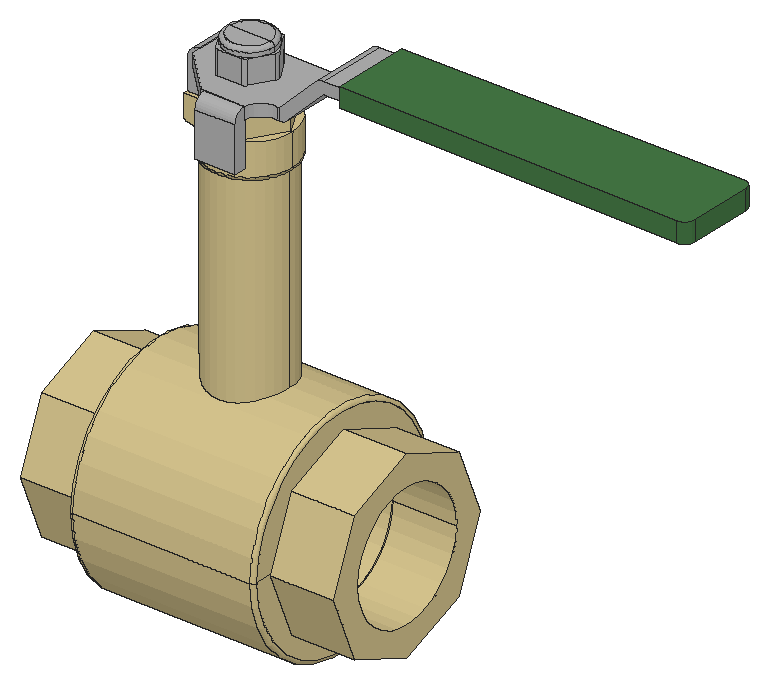
Revit family "QD24150000", category Apparecchi idraulici, Revit 2016
Family settings
  Tipo di parte = Normale
  Quota connettore circolare = Usa diametro
  Numero OmniClass = 23.45.00.00
  Titolo OmniClass = Sanitary, Laundry, and Cleaning Equipment
  Basato su piano di lavoro = No
  Sempre verticale = Sì
  Taglio con vuoti quando caricato = No
  Condiviso = No
  Punto di calcolo locali = No
Parameters
  URL = "https://web.cimberio.it/index.php/figura/1478?subcategoria_id=102"
  Produttore = "CIMBERIO SPA"
  DN Model [instance] = QD24151032 : QD24151032
  DN [instance] = 32 mm
Reference planes
  plane 1 "Centro (Fronte/Retro)": y = 0
  plane 2: z = 0
  plane 3 "Centro (Sinistra/Destra)": x = 0
Dimensions and locks
  aligned and locked: level to plane 2
Nested families
  nested 1: "QD24151032" at (0, 0, 0), type <- "DN Model", type "QD24151032"
    with DN 10 mm
  nested 2: "QD24151032" at (0, 0, 0), type <- "DN Model", type "QD24151032"
    with DN 10 mm
  nested 3: "QD24151032" at (0, 0, 0), type <- "DN Model", type "QD24151032"
    with DN 10 mm
  nested 4: "QD24151032" at (0, 0, 0), type <- "DN Model", type "QD24151032"
    with DN 10 mm
  nested 5: "QD24151032" at (0, 0, 0), type <- "DN Model", type "QD24151032"
    with DN 10 mm
  nested 6: "QD24151032" at (0, 0, 0), type <- "DN Model", type "QD24151032"
    with DN 10 mm
Connectors
  piping at (40.35, 0, 0), diameter 32, driven by "DN"
    settings: on nested 1, index 1, connector inside diameter 609.6 mm, connector length 0 mm, flow factor 0, pipe flow 0.0 L/s, pressure drop 0.0 Pa, fitting loss kfactor 0, connector angle 0.00°, fixture units 0, engagement length 0 mm, angle of deflection 0.00°, flow configuration 0, flow direction 0, fitting loss method 0, system type 7, joint type 0, gender type 0, connector reference index -1, connector utility 0, adjustable connector no, is connector primary yes, connector description ""
  piping at (-40.35, 0, 0), diameter 32, driven by "DN"
    settings: on nested 1, index 2, connector inside diameter 609.6 mm, connector length 0 mm, flow factor 0, pipe flow 0.0 L/s, pressure drop 0.0 Pa, fitting loss kfactor 0, connector angle 0.00°, fixture units 0, engagement length 0 mm, angle of deflection 0.00°, flow configuration 0, flow direction 0, fitting loss method 0, system type 7, joint type 0, gender type 0, connector reference index -1, connector utility 0, adjustable connector no, is connector primary no, connector description ""
Definition of nested family "QD24151032"
  Parameters (values of type "QD24151032")
    DN [instance] = 10 mm  # constant formula
  Reference planes
    plane 1 "Centro (Fronte/Retro)": y = 0
    plane 2: z = 0
    plane 3 "Centro (Sinistra/Destra)": x = 0
  Forms (mm)
    Revolve 1, solid
      sketch origin (0, 0, 0) x (1, 0, 0) y (0, 1, 0)
        loop
          arc (23.85, 27.5) -> (23.557, 28.207) -> (22.85, 28.5) r 1
          line (22.85, 28.5) -> (-22.85, 28.5)
          arc (-22.85, 28.5) -> (-23.557, 28.207) -> (-23.85, 27.5) r 1
          line (-23.85, 27.5) -> (-23.85, 16) -> (23.85, 16) -> (23.85, 27.5)
        axis (-23.85, 0) -> (23.85, 0)
      angle from 0 to 360
    Revolve 2, solid
      sketch origin (0, 0, 18.5) x (1, 0, 0) y (0, 0, 1)
        loop
          line (0, 69) -> (0, -1.967) -> (10.25, -1.967) -> (10.25, 60)
          arc (10.25, 60) -> (10.783, 60.251) -> (11, 60.798) r 0.8
          line (11, 60.798) -> (11, 69) -> (0, 69)
        axis (0, 69) -> (0, -1.967)
      angle from 0 to 360
    Extrusion 3, solid
      sketch origin (0, 0, 18.5) x (1, 0, 0) y (0, 0, 1)
        loop
          line (-16.001, 69) -> (-16.001, 63.767)
          arc (-16.001, 63.767) -> (-15.794, 63.159) -> (-15.26, 62.801) r 1
          line (-15.26, 62.801) -> (-9.887, 61.362) -> (-9.887, 69) -> (-16.001, 69)
      from 0 to 1.289
    Extrusion 4, solid
      sketch origin (0, 0, 47.05) x (1, 0, 0) y (0, 1, 0)
        loop
          line (5.202, 9.01) -> (-5.202, 9.01) -> (-10.404, 0) -> (-5.202, -9.01) -> (5.202, -9.01) -> (10.404, 0) -> (5.202, 9.01)
      from 40.45 to 48.35
    Extrusion 5, solid
      sketch origin (0, 0, 47.05) x (1, 0, 0) y (0, 1, 0)
        loop
          line (-13, -2.3) -> (-2.3, -13) -> (9.101, -13)
          arc (9.101, -13) -> (10.838, -10.127) -> (14, -9) r 5
          line (14, -9) -> (15, -9) -> (15, 9) -> (-13, 9) -> (-13, -2.3)
      from 48.35 to 51.35
    Extrusion 6, solid
      sketch origin (-1.801, 0, 18.5) x (1, 0, 0) y (0, 0, 1)
        loop
          arc (-11.185, 79.9) -> (-13.316, 79.026) -> (-14.2, 76.899) r 3.001
          line (-14.2, 76.899) -> (-14.2, 65.398) -> (-11.185, 65.398) -> (-11.185, 79.9)
      from -9.01 to 0
    Extrusion 7, solid
      sketch origin (-11, -1.801, 18.5) x (0, 0, 1) y (0, 1, 0)
        loop
          line (79.9, -11.199) -> (65.398, -11.199) -> (65.398, -14.199) -> (76.9, -14.199)
          arc (76.9, -14.199) -> (79.021, -13.32) -> (79.9, -11.199) r 3
      from -20 to -9.7
    Revolve 8, solid
      sketch origin (0, 0, 18.5) x (1, 0, 0) y (0, 0, 1)
        loop
          line (0, 87.9) -> (0, 85.9) -> (6.25, 85.9) -> (6.25, 86.9)
          arc (6.25, 86.9) -> (5.957, 87.607) -> (5.25, 87.9) r 1
          line (5.25, 87.9) -> (0, 87.9)
        axis (0, 87.9) -> (0, 85.9)
      angle from 0 to 360
    Extrusion 9, solid
      sketch origin (-0.001, 0, 47.05) x (0.978161, 0.20785, 0) y (-0.20785, 0.978161, 0)
        loop
          line (-2.837, 6.559) -> (-6.849, 2.103)
          arc (-6.849, 2.103) -> (-7.147, 1.519) -> (-7.112, 0.865) r 1.266
          line (-7.112, 0.865) -> (-5.258, -4.841)
          arc (-5.258, -4.841) -> (-4.882, -5.422) -> (-4.265, -5.736) r 1.336
          line (-4.265, -5.736) -> (1.577, -6.978)
          arc (1.577, -6.978) -> (2.256, -6.942) -> (2.825, -6.572) r 1.312
          line (2.825, -6.572) -> (6.834, -2.119)
          arc (6.834, -2.119) -> (7.141, -1.518) -> (7.106, -0.844) r 1.304
          line (7.106, -0.844) -> (5.258, 4.844)
          arc (5.258, 4.844) -> (4.882, 5.422) -> (4.267, 5.735) r 1.333
          line (4.267, 5.735) -> (-1.56, 6.974)
          arc (-1.56, 6.974) -> (-2.254, 6.937) -> (-2.837, 6.559) r 1.343
      from 51.35 to 57.35
    Extrusion 10, solid
      sketch origin (0, 0, 36.55) x (1, 0, 0) y (0, 1, 0)
        loop
          arc (121.003, 8.242) -> (120.265, 10.025) -> (118.481, 10.763) r 2.522
          line (118.481, 10.763) -> (31.003, 10) -> (31.003, -10) -> (118.505, -10.761)
          arc (118.505, -10.761) -> (120.272, -10.03) -> (121.003, -8.264) r 2.498
          line (121.003, -8.264) -> (121.003, 8.242)
      from 67.85 to 72.85
    Extrusion 11, solid
      sketch origin (-11, 0, 0) x (0, 0, 1) y (0, 1, 0)
        loop
          circle (0, 0) r 16
        loop
          line (23.5, 0) -> (16.617, 16.617) -> (0, 23.5) -> (-16.617, 16.617) -> (-23.5, 0) -> (-16.617, -16.617) -> (0, -23.5) -> (16.617, -16.617) -> (23.5, 0)
      from 12.85 to 29.35
    Extrusion 12, solid
      sketch origin (0, 0, 4.5) x (1, 0, 0) y (0, 0, 1)
        loop
          line (15, 93.9) -> (15, 90.9)
          arc (15, 90.9) -> (16.149, 91.129) -> (17.123, 91.78) r 3
          line (17.123, 91.78) -> (26.243, 100.9) -> (31.003, 100.9) -> (31.003, 103.9) -> (26.243, 103.9)
          arc (26.243, 103.9) -> (25.095, 103.672) -> (24.121, 103.021) r 3
          line (24.121, 103.021) -> (15, 93.9)
      from -9.01 to 9.01
    Extrusion 13, solid
      sketch origin (11, 0, 0) x (0, 0, 1) y (0, -1, 0)
        loop
          circle (0, 0) r 16
        loop
          line (23.5, 0) -> (16.617, 16.617) -> (0, 23.5) -> (-16.617, 16.617) -> (-23.5, 0) -> (-16.617, -16.617) -> (0, -23.5) -> (16.617, -16.617) -> (23.5, 0)
      from 12.85 to 29.35
  Dimensions and locks
    aligned and locked: level to plane 2
